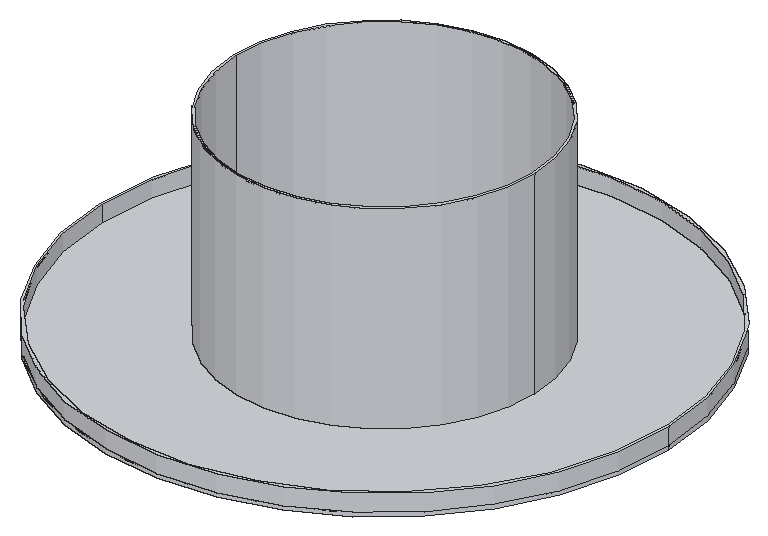
Revit family "cap_inlet", category Generic Models, Revit 2025
Family settings
  Can host rebar = No
  Round Connector Dimension = Use Diameter
  Part Type = Normal
  Work Plane-Based = No
  Always vertical = Yes
  Cut with Voids When Loaded = No
  Maintain Annotation Orientation = No
  Shared = No
  Room Calculation Point = No
Parameters
  Nominal Diameter = 0' - 4 1/2"
  Lip Size = Diameter * 0.0294  # 0' - 0.2499"
  Collar OD = Nominal Diameter  # 0' - 4 1/2"
  Gauge = 0' - 0 1/16"
  Diameter Inner = Diameter - Gauge  # 0' - 8.43755"
  Diameter = Nominal Diameter * 1.8889  # 0' - 8.50005"
  Default Elevation = 0' - 0"
  Collar Length = 0' - 3"
  Collar ID = Collar OD - Gauge  # 0' - 4 7/16"
Reference planes (in)
  plane 1 "Center (Front/Back)": y = 0
  plane 2: z = 0
  plane 3 "Center (Left/Right)": x = 0
  plane 4: y = 4.25002
  plane 5: y = -4.25003
  plane 6: x = -4.25002
  plane 7: x = 4.25003
  plane 8: z = 0.0625
  plane 9: z = -3
  plane 10: x = -2.25
  plane 11: x = 2.25
  plane 12: y = -2.25
  plane 13: y = 2.25
  plane 14: z = 3
Forms (in)
  Extrusion 1, solid
    sketch origin (0, 0, 0) x (1, 0, 0) y (0, 1, 0)
      loop
        circle (0, 0) r 4.25003
    from 0 to 0.0625 <- "Gauge"
  Extrusion 2, solid
    sketch origin (-8.82302, -180, 0.0625) x (-1, 0, 0) y (0, -1, 0)
      loop
        circle (-8.82302, -180) r 4.25003
      loop
        circle (-8.82302, -180) r 4.21877
    from 0 to 0.2499 <- "Lip Size"
  Extrusion 3, solid
    sketch origin (0, 0, 0) x (1, 0, 0) y (0, 1, 0)
      loop
        circle (0, 0) r 2.25
      loop
        circle (0, 0) r 2.21875
    from 0 to 3 <- "Collar Length"
  Extrusion 4, void
    sketch origin (0, 0, 0) x (0, 1, 0) y (1, 0, 0)
      loop
        circle (0, 0) r 2.21875
    from 0 to -0.0625
Cuts and joins
  Extrusion 4 cuts Extrusion 1
Dimensions and locks (in)
  equal spacing: plane 5, plane 1 "Center (Front/Back)", plane 4
  equal spacing: plane 6, plane 3 "Center (Left/Right)", plane 7
  "Diameter": plane 4 to plane 5
  "Diameter": plane 6 to plane 7
  "Gauge": plane 8 to plane 2
  "Collar Length": plane 2 to plane 9
  equal spacing: plane 10, plane 3 "Center (Left/Right)", plane 11
  equal spacing: plane 12, plane 1 "Center (Front/Back)", plane 13
  "Collar OD": plane 12 to plane 13
  "Collar OD": plane 10 to plane 11
  "Collar Length": plane 14 to plane 2
  "Diameter": diameter of Extrusion 1 sketch curve
  "Diameter": diameter of Extrusion 2 sketch curve
  "Diameter Inner": diameter of Extrusion 2 sketch curve
  "Collar OD": diameter of Extrusion 3 sketch curve
  "Collar ID": diameter of Extrusion 3 sketch curve
  "Collar ID": diameter of Extrusion 4 sketch curve
  aligned and locked: plane 2 to level
  aligned and locked: plane 3 "Center (Left/Right)" to Extrusion 1 sketch curve
  aligned and locked: plane 1 "Center (Front/Back)" to Extrusion 1 sketch curve
  aligned and locked: plane 3 "Center (Left/Right)" to Extrusion 2 sketch curve  (x2)
  aligned and locked: plane 1 "Center (Front/Back)" to Extrusion 2 sketch curve  (x2)
  aligned and locked: plane 3 "Center (Left/Right)" to Extrusion 3 sketch curve  (x2)
  aligned and locked: plane 1 "Center (Front/Back)" to Extrusion 3 sketch curve  (x2)
  aligned and locked: plane 3 "Center (Left/Right)" to Extrusion 4 sketch curve
  aligned and locked: plane 1 "Center (Front/Back)" to Extrusion 4 sketch curve
  aligned and locked: Extrusion 1 to Extrusion 4
